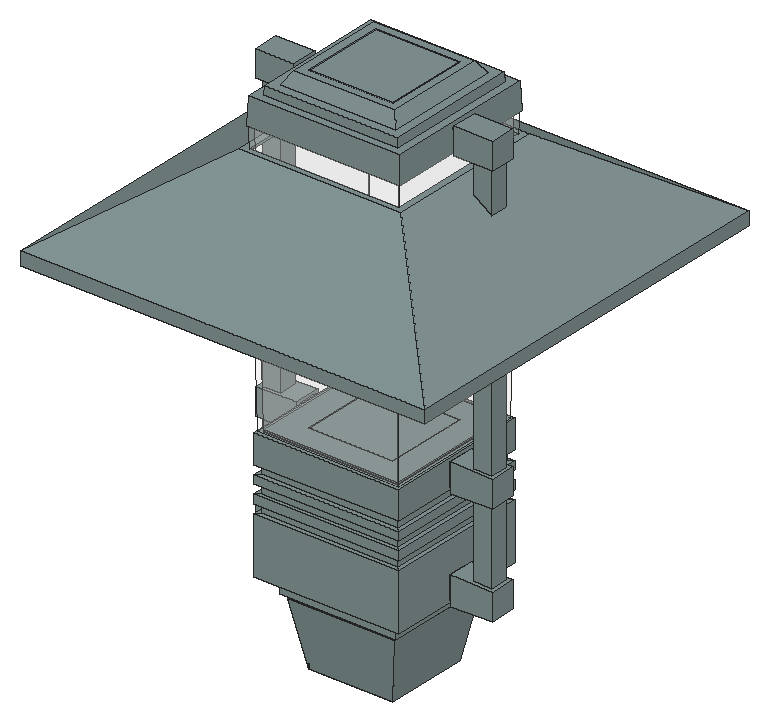
Revit family "PKWM", category Lighting Fixtures, host Face, Revit 2021
Family settings
  Host = Face
  Round Connector Dimension = Use Diameter
  Part Type = Normal
  OmniClass Number = 23.80.70.14
  OmniClass Title = Luminaries for External Lighting
  Cut with Voids When Loaded = No
  Light Source = No
  Shared = No
  Room Calculation Point = No
Parameters (values of type "PKWM- ATG")
  Wattage Comments = "55W"
  Voltage = 120 V  # constant formula
  URL = "https://www.currentlighting.com/aal"
  Product Page URL = ""
  Product Documentation Link = ""
  Photometric Web = Web PKWM : PKWM-STR-Y3VC-32LED-3K-525
  Model = "PKWM"  # constant formula
  Manufacturer = "Architectural Area Lighting"  # constant formula
  Load Classification = Lighting
  Light Bulb Material = Glass
  Lamp = "LED"
  Finish = Aluminum-Antique Green
  Description = "Parkway square is a complete family of luminaires that harmoniously combine the ultimate in style with technological sophistication. Parkway Square is scaled in two sizes of luminaires plus a matching bollard, and features unique appointments and design elements sure to meet the needs of any project."  # constant formula
  Default Elevation = 48.000"
  Apparent Load = 0 VA
Reference planes (in)
  plane 1 "Center (Front/Back)": y = 0.03999
  plane 2: z = 0
  plane 3 "Center (Left/Right)": x = 0.00649
  plane 4: z = 21
Dimensions and locks (in)
  host sketch curve to plane 1 "Center (Front/Back)" to host sketch curve = 48.03999", 47.96001"
  host sketch curve to plane 3 "Center (Left/Right)" to host sketch curve = 48.00649", 47.99351"
  locked: plane 4 to plane 2 at 21
  aligned and locked: plane 2 to host face
  aligned and locked: level to host face
  aligned and locked: plane 3 "Center (Left/Right)" to nested 1
  aligned and locked: plane 1 "Center (Front/Back)" to nested 1
Nested families (in)
  nested 1: "PKWM_ANG" at (1.15022, -2.7399, 0), Housing Finish <- "Finish", Glazing Type <- "Light Bulb Material", type "Default"
    with Housing Finish Aluminum-Antique Green, Glazing Type Glass
  nested 2: "Web PKWM" at (0.24545, 0, 21) x (1, 0, 0) z (0, 0, -1), type <- "Photometric Web", type "PKWM-STR-Y3VC-32LED-3K-525"
Connectors (in)
  electrical at (0.00649, 0.03999, 0.00193), driven by "Voltage", driven by "Apparent Load", driven by "Load Classification"
    settings: on nested 1, index 1, voltage 120 V, apparent load 0 VA, apparent load phase1 0 VA, apparent load phase2 0 VA, apparent load phase3 0 VA, power factor 1, load classification "Lighting", number of poles 1, system type 30, power factor state 1, is connector primary yes, connector utility no, sub classification motor no, connector description "Electrical connector"
Definition of nested family "PKWM_ANG"
  Parameters
    Wattage Comments = "LU100"
    Lamp = "Load Type Catalog for configurations"
    Half Width = Width / 2  # 11.500"
    Width = 23.000"  # constant formula
    Voltage = 277 V
    Type Comments = "Parkway Square"  # constant formula
    Half Base Width = Base Width / 2  # 2.375"
    built-in parameter 1154647 = 0.000"
    Default Elevation = 0.000"
    Hood Height = 9.15625"  # constant formula
    URL = "www.aal.net"
    Series = "Period Luminaires"  # constant formula
    Revision Date = "05/2/2011"  # constant formula
    Power Factor = 1  # constant formula
    OmniClass Title = "Post-Top Lighting"  # constant formula
    OmniClass Number = "23.80.70.14.11.14"  # constant formula
    Number of Poles = 1
    Note Visible = yes
    Note Text = "LF"  # constant formula
    Model = "Load Type Catalog for configurations"
    MasterFormat Title = "Area Lighting"  # constant formula
    MasterFormat Number = "26.56.29"  # constant formula
    Manufacturer = "Architectural Area Lighting"  # constant formula
    Housing Finish [instance] = none
    Height = 30.500"  # constant formula
    Glazing Type [instance] = none
    Full Load Current = 0.73 A  # constant formula
    Frequency = 60 Hz  # constant formula
    Description = "Exterior Lighting"  # constant formula
    Created By = "CADdetails, LTD"  # constant formula
    Base Width = 4.750"  # constant formula
    Assembly Code = "D5020200"
    Architectural Design Manual = "http://www.aal.net/products/pkwm/"
    Apparent Load = 57 VA
    Absolute Lumens = 9300 lm
  Reference planes (in)
    plane 1 "Light Source Axis (F/B)": y = 2.77989
    plane 2 "Bottom": z = 0.00193
    plane 3 "Light Source Axis (L/R)": x = -1.14373
    plane 4 "Light Source Elevation": z = 16.81443
    plane 5 "Top": z = 30.50193
    plane 6: z = 12.28318
    plane 7: x = -3.51873
    plane 8 "Left": x = -12.64373
    plane 9: x = 1.23127
    plane 10 "Right": x = 10.35627
    plane 11: z = 21.34568
    plane 12: y = 5.15489
    plane 13 "Back": y = 14.27989
    plane 14: y = 0.40489
    plane 15 "Front": y = -8.72011
  Forms (in)
    Sweep 1, solid, material <- "Housing Finish", detail levels medium+fine
      path origin (0, 0, 16.81443) x (0, -1, 0) y (1, 0, 0)
        loop
          line (-14.27989, -12.64373) -> (8.72011, -12.64373) -> (8.72011, 10.35627) -> (-14.27989, 10.35627) -> (-14.27989, -12.64373)
      profile origin (-12.64373, 2.77989, 16.81443) x (1, 0, 0) y (0, 0, 1)
        loop
          line (8.65047, 13.6875) -> (8.21746, 13.03075) -> (7.71746, 13.03075) -> (7.7, 12.53075) -> (7.20863, 12.53075) -> (7.15625, 11.03075) -> (9.125, 11.03075) -> (9.125, 13.6875) -> (8.65047, 13.6875)
        loop
          line (7.24046, 9.84375) -> (6.91001, 9.84375) -> (0, 5.28125) -> (0, 4.53125) -> (0.125, 4.53125) -> (0.125, 5.21399) -> (6.94755, 9.71875) -> (7.24046, 9.71875) -> (7.24046, 9.84375)
        loop
          line (9.125, -16.8125) -> (9.125, -4.53125) -> (7.688, -4.53125) -> (7.688, -4.625) -> (7.375, -4.625) -> (7.375, -6.25) -> (7.625, -6.25873) -> (7.625, -6.75873) -> (7.375, -6.76746) -> (7.375, -7.25) -> (7.625, -7.25873) -> (7.625, -7.75873) -> (7.375, -7.76746) -> (7.375, -8.25) -> (7.625, -8.25873) -> (7.625, -8.75873) -> (7.375, -8.76746) -> (7.375, -12) -> (7.594, -12) -> (7.594, -12.0625) -> (8.438, -12.0625) -> (8.438, -12.25) -> (8.188, -12.26748) -> (8.188, -12.92004) -> (8.688, -12.9375) -> (8.688, -13.125) -> (8.44127, -13.14225) -> (8.47252, -13.20475) -> (8.44127, -13.20475) -> (9.125, -16.8125)
    Extrusion 2, solid, material <- "Housing Finish"
      sketch origin (0, 2.77989, 0) x (1, 0, 0) y (0, 0, 1)
        loop
          line (-3.51873, 0.00193) -> (1.23127, 0.00193) -> (1.23127, 12.28318) -> (-3.51873, 12.28318) -> (-3.51873, 0.00193)
        loop
          line (-3.51873, 27.84518) -> (1.23127, 27.84518) -> (1.23127, 30.50193) -> (-3.51873, 30.50193) -> (-3.51873, 27.84518)
      from -2.375 to 2.375
    Extrusion 3, solid, material <- "Housing Finish", detail levels fine
      sketch origin (0, 2.77989, 0) x (1, 0, 0) y (0, 0, 1)
        loop
          line (-5.51873, 6.43943) -> (-7.89373, 6.35649) -> (-7.89373, 4.89737) -> (-5.51873, 4.81443) -> (-5.51873, 5.00243) -> (-5.26873, 5.01116) -> (-5.26873, 6.3057) -> (-5.51873, 6.31443) -> (-5.51873, 6.43943)
        loop
          line (-5.51873, 12.18943) -> (-7.89373, 12.10649) -> (-7.89373, 10.64737) -> (-5.51873, 10.56443) -> (-5.51873, 10.75243) -> (-5.26873, 10.76116) -> (-5.26873, 12.0557) -> (-5.51873, 12.06443) -> (-5.51873, 12.18943)
        loop
          line (-7.89473, 29.34518) -> (-7.89473, 27.84518) -> (-5.6851, 27.84518) -> (-5.6851, 28.03318) -> (-5.4351, 28.03318) -> (-5.4351, 29.15718) -> (-5.6851, 29.15718) -> (-5.6851, 29.34518) -> (-7.89473, 29.34518)
        loop
          line (3.23127, 6.43943) -> (3.23127, 6.31443) -> (2.98127, 6.3057) -> (2.98127, 5.01116) -> (3.23127, 5.00243) -> (3.23127, 4.81443) -> (5.60627, 4.89737) -> (5.60627, 6.35649) -> (3.23127, 6.43943)
        loop
          line (3.23127, 12.18943) -> (3.23127, 12.06443) -> (2.98127, 12.0557) -> (2.98127, 10.76116) -> (3.23127, 10.75243) -> (3.23127, 10.56443) -> (5.60627, 10.64737) -> (5.60627, 12.10649) -> (3.23127, 12.18943)
        loop
          line (5.60727, 29.34518) -> (3.39764, 29.34518) -> (3.39764, 29.15718) -> (3.14764, 29.15718) -> (3.14764, 28.03318) -> (3.39764, 28.03318) -> (3.39764, 27.84518) -> (5.60727, 27.84518) -> (5.60727, 29.34518)
      from -0.73047 to 0.73047
    Extrusion 4, void
      sketch origin (0, 0, 0.00193) x (1, 0, 0) y (0, 1, 0)
        loop
          line (-5.51873, 3.51036) -> (-5.51873, 3.32286) -> (-5.26873, 3.32286) -> (-5.26873, 3.51036) -> (-5.51873, 3.51036)
        loop
          line (-5.51873, 2.23692) -> (-5.51873, 2.04942) -> (-5.26873, 2.04942) -> (-5.26873, 2.23692) -> (-5.51873, 2.23692)
        loop
          line (3.23127, 3.51036) -> (2.98127, 3.51036) -> (2.98127, 3.32286) -> (3.23127, 3.32286) -> (3.23127, 3.51036)
        loop
          line (3.23127, 2.23692) -> (2.98127, 2.23692) -> (2.98127, 2.04942) -> (3.23127, 2.04942) -> (3.23127, 2.23692)
      from 0 to 12.28125
    Extrusion 5, void
      sketch origin (0, 0, 30.50193) x (-1, 0, 0) y (0, -1, 0)
        loop
          line (5.6851, -3.51036) -> (5.6851, -3.32286) -> (5.4351, -3.32286) -> (5.4351, -3.51036) -> (5.6851, -3.51036)
        loop
          line (5.6851, -2.23692) -> (5.6851, -2.04942) -> (5.4351, -2.04942) -> (5.4351, -2.23692) -> (5.6851, -2.23692)
        loop
          line (-3.39764, -3.51036) -> (-3.14764, -3.51036) -> (-3.14764, -3.32286) -> (-3.39764, -3.32286) -> (-3.39764, -3.51036)
        loop
          line (-3.39764, -2.23692) -> (-3.14764, -2.23692) -> (-3.14764, -2.04942) -> (-3.39764, -2.04942) -> (-3.39764, -2.23692)
      from 0 to -9.15625
    Extrusion 6, solid, material <- "Housing Finish", detail levels fine
      sketch origin (0, 0, 16.81443) x (0, -1, 0) y (1, 0, 0)
        loop
          line (-3.27989, -7.64473) -> (-2.27989, -7.64473) -> (-2.27989, -6.64473) -> (-3.27989, -6.64473) -> (-3.27989, -7.64473)
        loop
          line (-3.27989, 5.35727) -> (-3.27989, 4.35727) -> (-2.27989, 4.35727) -> (-2.27989, 5.35727) -> (-3.27989, 5.35727)
      from -11.28761 to 11.03075
    Sweep 7, solid, material <- "Glazing Type"
      path origin (0, 0, 16.81443) x (0, -1, 0) y (1, 0, 0)
        loop
          line (-5.15489, -3.51873) -> (-0.40489, -3.51873) -> (-0.40489, 1.23127) -> (-5.15489, 1.23127) -> (-5.15489, -3.51873)
      profile origin (-3.51873, 2.77989, 16.81443) x (1, 0, 0) y (0, 0, 1)
        loop
          line (-1.89664, 11.03075) -> (-1.62336, -4.625) -> (-1.437, -4.625) -> (-1.71027, 11.03075) -> (-1.89664, 11.03075)
    Sweep 8, solid, material <- "Housing Finish", detail levels coarse
      path origin (0, 0, 16.81443) x (0, -1, 0) y (1, 0, 0)
        loop
          line (-14.27989, -12.64373) -> (8.72011, -12.64373) -> (8.72011, 10.35627) -> (-14.27989, 10.35627) -> (-14.27989, -12.64373)
      profile origin (-12.64373, 2.77989, 16.81443) x (1, 0, 0) y (0, 0, 1)
        loop
          line (9.125, 13.6875) -> (7.03474, 13.6875) -> (7.03474, 11.03075) -> (9.125, 11.03075) -> (9.125, 13.6875)
        loop
          line (0, 4.53125) -> (7.03474, 4.53125) -> (7.03474, 6.34375) -> (0, 6.34375) -> (0, 4.53125)
        loop
          line (9.125, -4.53125) -> (7.03474, -4.53125) -> (7.03474, -16.8125) -> (9.125, -16.8125) -> (9.125, -4.53125)
  Cuts and joins
    Extrusion 4, Extrusion 5 cuts Extrusion 2
    Extrusion 4, Extrusion 5 cuts Extrusion 3
    joined: Extrusion 3, Extrusion 6
  Lines and regions (in)
    Masking region 1
      outline origin (0, 0, 16.81443) x (0, -1, 0) y (1, 0, 0)
        loop
          line (-14.27989, -12.64373) -> (8.72011, -12.64373) -> (8.72011, 10.35627) -> (-14.27989, 10.35627) -> (-14.27989, -12.64373)
    Masking region 2, detail levels medium+fine
      outline origin (0, 0, 16.81443) x (0, -1, 0) y (1, 0, 0)
        loop
          line (-7.07126, -5.4351) -> (1.51148, -5.4351) -> (1.51148, 3.14764) -> (-7.07126, 3.14764) -> (-7.07126, -5.4351)
    Masking region 3, detail levels fine
      outline origin (0, 0, 16.81443) x (0, -1, 0) y (1, 0, 0)
        loop
          line (-3.32286, -5.4351) -> (-3.32286, -5.6851) -> (-3.51036, -5.6851) -> (-3.51036, -7.89473) -> (-2.04942, -7.89473) -> (-2.04942, -5.6851) -> (-2.23692, -5.6851) -> (-2.23692, -5.4351) -> (-3.32286, -5.4351)
        loop
          line (-3.32286, 3.14764) -> (-2.23692, 3.14764) -> (-2.23692, 3.39764) -> (-2.04942, 3.39764) -> (-2.04942, 5.60727) -> (-3.51036, 5.60727) -> (-3.51036, 3.39764) -> (-3.32286, 3.39764) -> (-3.32286, 3.14764)
        loop
          line (-6.09189, -4.45573) -> (0.53211, -4.45573) -> (0.53211, 2.16827) -> (-6.09189, 2.16827) -> (-6.09189, -4.45573)
        loop
          line (-5.59189, -3.95573) -> (0.03211, -3.95573) -> (0.03211, 1.66827) -> (-5.59189, 1.66827) -> (-5.59189, -3.95573)
    Masking region 4, detail levels medium+fine
      outline origin (0, 2.77989, 0) x (1, 0, 0) y (0, 0, 1)
        loop
          line (-3.51873, 0.00193) -> (1.23127, 0.00193) -> (1.915, 3.60968) -> (1.88375, 3.60968) -> (1.915, 3.67218) -> (1.66827, 3.68943) -> (1.66827, 3.87693) -> (2.16827, 3.89439) -> (2.16827, 4.54695) -> (1.91827, 4.56443) -> (1.91827, 4.75193) -> (2.76227, 4.75193) -> (2.76227, 4.81443) -> (2.98127, 4.81443) -> (2.98127, 5.01116) -> (3.23127, 5.01116) -> (3.23127, 4.81443) -> (5.60627, 4.89737) -> (5.60627, 6.35649) -> (5.35727, 6.35649) -> (5.35727, 10.63867) -> (5.60627, 10.64737) -> (5.60627, 12.10649) -> (5.35727, 12.11519) -> (5.35727, 21.34568) -> (10.35627, 21.34568) -> (10.35627, 22.09568) -> (5.35727, 25.39639) -> (5.35727, 27.84518) -> (5.60727, 27.84518) -> (5.60727, 29.34518) -> (3.39764, 29.34518) -> (3.39764, 29.15718) -> (3.1542, 29.15718) -> (3.14764, 29.34518) -> (2.65627, 29.34518) -> (2.63881, 29.84518) -> (2.13881, 29.84518) -> (1.70579, 30.50193) -> (-3.99326, 30.50193) -> (-4.42627, 29.84518) -> (-4.92627, 29.84518) -> (-4.94373, 29.34518) -> (-5.4351, 29.34518) -> (-5.4351, 29.15718) -> (-5.6851, 29.15718) -> (-5.6851, 29.34518) -> (-7.89473, 29.34518) -> (-7.89473, 27.84518) -> (-7.64473, 27.84518) -> (-7.64473, 25.39639) -> (-12.64373, 22.09568) -> (-12.64373, 21.34568) -> (-7.64473, 21.34568) -> (-7.64473, 12.11519) -> (-7.89373, 12.10649) -> (-7.89373, 10.64737) -> (-7.64473, 10.63867) -> (-7.64473, 6.36519) -> (-7.89373, 6.35649) -> (-7.89373, 4.89737) -> (-5.51873, 4.81443) -> (-5.51873, 5.00243) -> (-5.26873, 5.01116) -> (-5.26873, 4.81443) -> (-5.04973, 4.81443) -> (-5.04973, 4.75193) -> (-4.20573, 4.75193) -> (-4.20573, 4.56443) -> (-4.45573, 4.54695) -> (-4.45573, 3.89439) -> (-3.95573, 3.87693) -> (-3.95573, 3.68943) -> (-4.20246, 3.67218) -> (-4.17121, 3.60968) -> (-4.20246, 3.60968) -> (-3.51873, 0.00193)
        loop
          line (-6.64473, 10.60375) -> (-6.64473, 6.40011) -> (-5.51873, 6.43943) -> (-5.51873, 6.31443) -> (-5.26873, 6.3057) -> (-5.26873, 8.04697) -> (-5.01873, 8.0557) -> (-5.01873, 8.5557) -> (-5.26873, 8.56443) -> (-5.26873, 9.04697) -> (-5.01873, 9.0557) -> (-5.01873, 9.5557) -> (-5.26873, 9.56443) -> (-5.26873, 10.04697) -> (-5.01873, 10.0557) -> (-5.01873, 10.5557) -> (-5.26873, 10.56443) -> (-5.26873, 10.76116) -> (-5.51873, 10.75243) -> (-5.51873, 10.56443) -> (-6.64473, 10.60375)
        loop
          line (4.35727, 10.60375) -> (3.23127, 10.56443) -> (3.23127, 10.75243) -> (2.98127, 10.76116) -> (2.98127, 10.56443) -> (2.73127, 10.5557) -> (2.73127, 10.0557) -> (2.98127, 10.04697) -> (2.98127, 9.56443) -> (2.73127, 9.5557) -> (2.73127, 9.0557) -> (2.98127, 9.04697) -> (2.98127, 8.56443) -> (2.73127, 8.5557) -> (2.73127, 8.0557) -> (2.98127, 8.04697) -> (2.98127, 6.3057) -> (3.23127, 6.31443) -> (3.23127, 6.43943) -> (4.35727, 6.40011) -> (4.35727, 10.60375)
        loop
          line (-6.64473, 21.34568) -> (-6.64473, 12.15011) -> (-5.51873, 12.18943) -> (-5.51873, 12.06443) -> (-5.26873, 12.0557) -> (-5.26873, 12.18943) -> (-5.1421, 12.18943) -> (-5.33683, 21.34568) -> (-6.64473, 21.34568)
        loop
          line (4.35727, 21.34568) -> (3.04936, 21.34568) -> (2.85463, 12.18943) -> (2.98127, 12.18943) -> (2.98127, 12.0557) -> (3.23127, 12.06443) -> (3.23127, 12.18943) -> (4.35727, 12.15011) -> (4.35727, 21.34568)
        loop
          line (-6.64473, 27.84518) -> (-6.64473, 26.05667) -> (-5.73372, 26.65818) -> (-5.39465, 26.65818) -> (-5.41537, 27.84518) -> (-5.48748, 27.84518) -> (-5.48092, 28.03318) -> (-5.6851, 28.03318) -> (-5.6851, 27.84518) -> (-6.64473, 27.84518)
        loop
          line (4.35727, 27.84518) -> (3.39764, 27.84518) -> (3.39764, 28.03318) -> (3.19345, 28.03318) -> (3.20002, 27.84518) -> (3.1279, 27.84518) -> (3.10718, 26.65818) -> (3.44626, 26.65818) -> (4.35727, 26.05667) -> (4.35727, 27.84518)
    Masking region 5, detail levels coarse
      outline origin (0, 2.77989, 0) x (1, 0, 0) y (0, 0, 1)
        loop
          line (-3.51873, 0.00193) -> (1.23127, 0.00193) -> (2.98127, 9.23592) -> (2.98127, 21.34568) -> (10.35627, 21.34568) -> (10.35627, 22.09568) -> (3.44626, 26.65818) -> (2.98127, 26.65818) -> (2.98127, 30.50193) -> (-5.26873, 30.50193) -> (-5.26873, 26.65818) -> (-5.73372, 26.65818) -> (-12.64373, 22.09568) -> (-12.64373, 21.34568) -> (-5.26873, 21.34568) -> (-5.26873, 9.23592) -> (-3.51873, 0.00193)
    Masking region 6, detail levels coarse
      outline origin (-1.14373, 0, 0) x (0, 1, 0) y (0, 0, 1)
        loop
          line (5.15489, 0.00193) -> (6.90489, 9.23592) -> (6.90489, 21.34568) -> (14.27989, 21.34568) -> (14.27989, 22.09568) -> (7.36988, 26.65818) -> (6.90489, 26.65818) -> (6.90489, 30.50193) -> (-1.34511, 30.50193) -> (-1.34511, 26.65818) -> (-1.8101, 26.65818) -> (-8.72011, 22.09568) -> (-8.72011, 21.34568) -> (-1.34511, 21.34568) -> (-1.34511, 9.23592) -> (0.40489, 0.00193) -> (5.15489, 0.00193)
    Masking region 7, detail levels medium+fine
      outline origin (-1.14373, 0, 0) x (0, 1, 0) y (0, 0, 1)
        loop
          line (5.15489, 0.00193) -> (5.83862, 3.60968) -> (5.80737, 3.60968) -> (5.83862, 3.67218) -> (5.59189, 3.68943) -> (5.59189, 3.87693) -> (6.09189, 3.89439) -> (6.09189, 4.54695) -> (5.84189, 4.56443) -> (5.84189, 4.75193) -> (6.68589, 4.75193) -> (6.68589, 4.81443) -> (6.90489, 4.81443) -> (6.90489, 5.01116) -> (6.90489, 8.04697) -> (6.65489, 8.0557) -> (6.65489, 8.5557) -> (6.90489, 8.56443) -> (6.90489, 9.04697) -> (6.65489, 9.0557) -> (6.65489, 9.5557) -> (6.90489, 9.56443) -> (6.90489, 10.04697) -> (6.65489, 10.0557) -> (6.65489, 10.5557) -> (6.90489, 10.56443) -> (6.90489, 12.0557) -> (6.90489, 12.18943) -> (6.77825, 12.18943) -> (6.97299, 21.34568) -> (9.28089, 21.34568) -> (14.27989, 21.34568) -> (14.27989, 22.09568) -> (7.36988, 26.65818) -> (7.03081, 26.65818) -> (7.05153, 27.84518) -> (7.12364, 27.84518) -> (7.07126, 29.34518) -> (6.57989, 29.34518) -> (6.56243, 29.84518) -> (6.06243, 29.84518) -> (5.62942, 30.50193) -> (-0.06964, 30.50193) -> (-0.50265, 29.84518) -> (-1.00265, 29.84518) -> (-1.02011, 29.34518) -> (-1.51148, 29.34518) -> (-1.56386, 27.84518) -> (-1.49174, 27.84518) -> (-1.47103, 26.65818) -> (-1.8101, 26.65818) -> (-8.72011, 22.09568) -> (-8.72011, 21.34568) -> (-3.72111, 21.34568) -> (-1.41321, 21.34568) -> (-1.21847, 12.18943) -> (-1.34511, 12.18943) -> (-1.34511, 12.0557) -> (-1.34511, 10.56443) -> (-1.09511, 10.5557) -> (-1.09511, 10.0557) -> (-1.34511, 10.04697) -> (-1.34511, 9.56443) -> (-1.09511, 9.5557) -> (-1.09511, 9.0557) -> (-1.34511, 9.04697) -> (-1.34511, 8.56443) -> (-1.09511, 8.5557) -> (-1.09511, 8.0557) -> (-1.34511, 8.04697) -> (-1.34511, 5.01116) -> (-1.34511, 4.81443) -> (-1.12611, 4.81443) -> (-1.12611, 4.75193) -> (-0.28211, 4.75193) -> (-0.28211, 4.56443) -> (-0.53211, 4.54695) -> (-0.53211, 3.89439) -> (-0.03211, 3.87693) -> (-0.03211, 3.68943) -> (-0.27884, 3.67218) -> (-0.24759, 3.60968) -> (-0.27884, 3.60968) -> (0.40489, 0.00193) -> (5.15489, 0.00193)
    Masking region 8, detail levels fine
      outline origin (-1.14373, 0, 0) x (0, 1, 0) y (0, 0, 1)
        loop
          line (3.27989, 27.84518) -> (3.51036, 27.84518) -> (3.51036, 29.34518) -> (2.04942, 29.34518) -> (2.04942, 27.84518) -> (2.27989, 27.84518) -> (2.27989, 12.18943) -> (2.04942, 12.18943) -> (2.04942, 10.56443) -> (2.27989, 10.56443) -> (2.27989, 6.43943) -> (2.04942, 6.43943) -> (2.04942, 4.81443) -> (3.51036, 4.81443) -> (3.51036, 6.43943) -> (3.27989, 6.43943) -> (3.27989, 10.56443) -> (3.51036, 10.56443) -> (3.51036, 12.18943) -> (3.27989, 12.18943) -> (3.27989, 27.84518)
        loop
          line (3.32286, 29.15718) -> (2.23692, 29.15718) -> (2.23692, 28.03318) -> (3.32286, 28.03318) -> (3.32286, 29.15718)
        loop
          line (3.32286, 12.06443) -> (2.23692, 12.06443) -> (2.23692, 10.75243) -> (3.32286, 10.75243) -> (3.32286, 12.06443)
        loop
          line (3.32286, 5.00243) -> (3.32286, 6.31443) -> (2.23692, 6.31443) -> (2.23692, 5.00243) -> (3.32286, 5.00243)
    symbolic lines, detail levels coarse
      curve 1: line (-12.64373, 14.27989, 16.81443) -> (10.35627, -8.72011, 16.81443)
      curve 2: line (10.35627, 14.27989, 16.81443) -> (-12.64373, -8.72011, 16.81443)
    symbolic lines, detail levels fine
      curve 3: line (-12.64373, 14.27989, 16.81443) -> (-5.60899, 7.24515, 16.81443)
      curve 4: line (10.35627, 14.27989, 16.81443) -> (3.32153, 7.24515, 16.81443)
      curve 5: line (10.35627, -8.72011, 16.81443) -> (3.32153, -1.68537, 16.81443)
      curve 6: line (-5.60899, -1.68537, 16.81443) -> (-12.64373, -8.72011, 16.81443)
      curve 7: line (2.63881, 2.77989, 29.84518) -> (-4.92627, 2.77989, 29.84518)
      curve 8: line (3.14764, 2.77989, 29.34518) -> (-5.4351, 2.77989, 29.34518)
      curve 9: line (-5.48748, 2.77989, 27.84518) -> (3.20002, 2.77989, 27.84518)
      curve 10: line (-5.6851, 2.77989, 27.84518) -> (-5.6851, 2.77989, 29.34518)
      curve 11: line (-5.4351, 2.77989, 29.34518) -> (-5.48748, 2.77989, 27.84518)
      curve 12: line (3.39764, 2.77989, 29.34518) -> (3.39764, 2.77989, 27.84518)
      curve 13: line (3.20002, 2.77989, 27.84518) -> (3.14764, 2.77989, 29.34518)
      curve 14: line (3.32153, 2.77989, 26.65818) -> (-5.60899, 2.77989, 26.65818)
      curve 15: line (-12.64373, 2.77989, 21.34568) -> (10.35627, 2.77989, 21.34568)
      curve 16: line (-5.51873, 2.77989, 4.81443) -> (-5.51873, 2.77989, 6.43943)
      curve 17: line (-5.51873, 2.77989, 10.56443) -> (-5.51873, 2.77989, 12.18943)
      curve 18: line (-5.26873, 2.77989, 12.18943) -> (-5.26873, 2.77989, 10.56443)
      curve 19: line (-5.26873, 2.77989, 6.3057) -> (-5.26873, 2.77989, 5.01116)
      curve 20: line (3.23127, 2.77989, 4.81443) -> (3.23127, 2.77989, 6.43943)
      curve 21: line (3.23127, 2.77989, 10.56443) -> (3.23127, 2.77989, 12.18943)
      curve 22: line (2.98127, 2.77989, 12.18943) -> (2.98127, 2.77989, 10.56443)
      curve 23: line (2.98127, 2.77989, 6.3057) -> (2.98127, 2.77989, 5.01116)
      curve 24: line (-5.51873, 2.77989, 12.18943) -> (-7.89373, 2.77989, 12.10649)
      curve 25: line (-7.89373, 2.77989, 10.64737) -> (-5.51873, 2.77989, 10.56443)
      curve 26: line (-5.51873, 2.77989, 6.43943) -> (-7.89373, 2.77989, 6.35649)
      curve 27: line (5.60627, 2.77989, 6.35649) -> (3.23127, 2.77989, 6.43943)
      curve 28: line (3.23127, 2.77989, 10.56443) -> (5.60627, 2.77989, 10.64737)
      curve 29: line (5.60627, 2.77989, 12.10649) -> (3.23127, 2.77989, 12.18943)
      curve 30: line (2.98127, 2.77989, 12.18943) -> (-5.26873, 2.77989, 12.18943)
      curve 31: line (2.98127, 2.77989, 10.56443) -> (-5.26873, 2.77989, 10.56443)
      curve 32: line (2.98127, 2.77989, 10.04697) -> (-5.26873, 2.77989, 10.04697)
      curve 33: line (2.98127, 2.77989, 9.56443) -> (-5.26873, 2.77989, 9.56443)
      curve 34: line (2.98127, 2.77989, 9.04697) -> (-5.26873, 2.77989, 9.04697)
      curve 35: line (2.98127, 2.77989, 8.04697) -> (-5.26873, 2.77989, 8.04697)
      curve 36: line (-5.04973, 2.77989, 4.75193) -> (2.76227, 2.77989, 4.75193)
      curve 37: line (2.16827, 2.77989, 4.54695) -> (-4.45573, 2.77989, 4.54695)
      curve 38: line (2.16827, 2.77989, 3.89439) -> (-4.45573, 2.77989, 3.89439)
      curve 39: line (1.915, 2.77989, 3.67218) -> (-4.20246, 2.77989, 3.67218)
      curve 40: line (-1.14373, 6.56243, 29.84518) -> (-1.14373, -1.00265, 29.84518)
      curve 41: line (-1.14373, 7.07126, 29.34518) -> (-1.14373, -1.51148, 29.34518)
      curve 42: line (-1.14373, -1.56386, 27.84518) -> (-1.14373, 7.12364, 27.84518)
      curve 43: line (-1.14373, 3.27989, 26.65818) -> (-1.14373, 7.24515, 26.65818)
      curve 44: line (-1.14373, 3.27989, 21.34568) -> (-1.14373, 6.97299, 21.34568)
      curve 45: line (-1.14373, -1.21847, 12.18943) -> (-1.14373, 6.90489, 12.18943)
      curve 46: line (-1.14373, -1.09511, 10.56443) -> (-1.14373, 6.90489, 10.56443)
      curve 47: line (-1.14373, 6.90489, 10.04697) -> (-1.14373, 3.27989, 10.04697)
      curve 48: line (-1.14373, 6.90489, 9.56443) -> (-1.14373, 3.27989, 9.56443)
      curve 49: line (-1.14373, 6.90489, 9.04697) -> (-1.14373, 3.27989, 9.04697)
      curve 50: line (-1.14373, 6.90489, 8.56443) -> (-1.14373, 3.27989, 8.56443)
      curve 51: line (-1.14373, 6.90489, 8.02892) -> (-1.14373, 3.27989, 8.02892)
      curve 52: line (-1.14373, 6.68589, 4.81443) -> (-1.14373, -1.12611, 4.81443)
      curve 53: line (-1.14373, 3.27989, 6.43943) -> (-1.14373, 2.27989, 6.43943)
      curve 54: line (-1.14373, 6.09189, 4.54695) -> (-1.14373, -0.53211, 4.54695)
      curve 55: line (-1.14373, 6.09189, 3.89439) -> (-1.14373, -0.53211, 3.89439)
      curve 56: line (-1.14373, 5.83862, 3.67218) -> (-1.14373, -0.27884, 3.67218)
      curve 57: line (-1.14373, 2.27989, 26.65818) -> (-1.14373, -1.68537, 26.65818)
      curve 58: line (-1.14373, 2.27989, 21.34568) -> (-1.14373, -1.41321, 21.34568)
      curve 59: line (-1.14373, -1.34511, 10.04697) -> (-1.14373, 2.27989, 10.04697)
      curve 60: line (-1.14373, -1.34511, 9.56443) -> (-1.14373, 2.27989, 9.56443)
      curve 61: line (-1.14373, -1.34511, 9.04697) -> (-1.14373, 2.27989, 9.04697)
      curve 62: line (-1.14373, -1.34511, 8.56443) -> (-1.14373, 2.27989, 8.56443)
      curve 63: line (-1.14373, -1.34511, 8.02892) -> (-1.14373, 2.27989, 8.02892)
  Dimensions and locks (in)
    "Height": plane 5 "Top" to plane 2 "Bottom"
    "Default Elevation": plane 2 "Bottom" to level
    "Half Width": plane 3 "Light Source Axis (L/R)" to plane 8 "Left"
    "Half Width": plane 10 "Right" to plane 3 "Light Source Axis (L/R)"
    "Half Base Width": plane 3 "Light Source Axis (L/R)" to plane 7
    "Half Base Width": plane 9 to plane 3 "Light Source Axis (L/R)"
    "Hood Height": plane 5 "Top" to plane 11
    locked: plane 6 to plane 2 "Bottom" at 12.28125
    equal spacing: plane 11, plane 4 "Light Source Elevation", plane 6
    "Half Width": plane 13 "Back" to plane 1 "Light Source Axis (F/B)"
    "Half Width": plane 15 "Front" to plane 1 "Light Source Axis (F/B)"
    "Half Base Width": plane 14 to plane 1 "Light Source Axis (F/B)"
    "Half Base Width": plane 1 "Light Source Axis (F/B)" to plane 12
    locked: Sweep 1 sketch curve to plane 8 "Left" at 0.125
    plane 5 "Top" to Sweep 1 sketch curve to Sweep 1 sketch curve to Sweep 1 sketch curve to Sweep 1 sketch curve to Sweep 1 sketch curve = 0.65675" locked, 0.500" locked, 1.500" locked, 1.187" locked, 0.125" locked
    plane 7 to Sweep 1 sketch curve to Sweep 1 sketch curve = 0.937" locked, 0.813" locked
    locked: plane 5 "Top" to Extrusion 2 sketch curve at 2.65675
    locked: Extrusion 6 to plane 2 "Bottom" at 5.52489
    locked: plane 5 "Top" to Extrusion 6 at 2.65675
    Sweep 7 sketch curve to Sweep 7 sketch curve to Sweep 7 sketch curve to Sweep 7 sketch curve to profile plane = 0.18636" locked, 0.08691" locked, 0.18636" locked, 1.437" locked
    locked: plane 5 "Top" to Sweep 7 sketch curve at 2.65675
    locked: plane 6 to Sweep 7 sketch curve at 0.09375
    locked: plane 3 "Light Source Axis (L/R)" to Sweep 1 sketch curve at 4.25954
    locked: plane 5 "Top" to Sweep 8 sketch curve at 2.65675
    locked: Sweep 8 sketch curve to plane 11 at 1.8125
    locked: plane 7 to Sweep 8 sketch curve at 2.09026
    Masking region 5 sketch curve to plane 11 = 0.750"
    plane 5 "Top" to Masking region 4 sketch curve to Masking region 4 sketch curve to Masking region 4 sketch curve to Masking region 4 sketch curve = 0.65675" locked, 0.500" locked, 1.500" locked, 1.187" locked
    plane 5 "Top" to Masking region 4 sketch curve to Masking region 4 sketch curve to Masking region 4 sketch curve to Masking region 4 sketch curve to Masking region 4 sketch curve = 1.15675" locked, 0.188" locked, 1.124" locked, 0.188" locked, 0.000" locked
    plane 5 "Top" to Masking region 4 sketch curve to Masking region 4 sketch curve to Masking region 4 sketch curve to Masking region 4 sketch curve to Masking region 4 sketch curve = 0.65675" locked, 0.500" locked, 0.188" locked, 1.124" locked, 1.375" locked
    plane 5 "Top" to Masking region 4 sketch curve to Masking region 4 sketch curve to Masking region 4 sketch curve = 1.15675" locked, 1.500" locked, 0.000" locked
    plane 5 "Top" to Sweep 1 = 3.84375"
    locked: Sweep 1 sketch curve to plane 11 at 0.75
    locked: Sweep 1 sketch curve to plane 11 at 0.68274
    locked: plane 5 "Top" to Masking region 5 sketch curve at 3.84375  (x2)
    locked: Masking region 5 sketch curve to plane 11 at 0.75
    locked: Masking region 4 sketch curve to plane 11 at 0.75  (x2)
    plane 5 "Top" to Masking region 7 sketch curve to Masking region 7 sketch curve to Masking region 7 sketch curve to Masking region 7 sketch curve = 0.65675" locked, 0.500" locked, 1.500" locked, 1.187" locked  (x2)
    locked: Masking region 7 sketch curve to plane 11 at 0.75  (x2)
    locked: plane 5 "Top" to Masking region 6 sketch curve at 3.84375  (x2)
    locked: Masking region 6 sketch curve to plane 11 at 0.75  (x2)
    aligned and locked: Sweep 1 sketch curve to plane 8 "Left"
    aligned and locked: plane 13 "Back" to Sweep 1 sketch curve
    aligned and locked: Sweep 1 sketch curve to plane 10 "Right"
    aligned and locked: Sweep 1 sketch curve to plane 11
    aligned and locked: Sweep 1 sketch curve to plane 7
    aligned and locked: plane 7 to Sweep 1 sketch curve
    aligned and locked: plane 6 to Sweep 1 sketch curve
    aligned and locked: plane 2 "Bottom" to Sweep 1 sketch curve
    aligned and locked: Sweep 1 sketch curve to Sweep 1 sketch curve  (x3)
    aligned and locked: plane 5 "Top" to Extrusion 2 sketch curve
    aligned and locked: Extrusion 2 sketch curve to plane 7  (x2)
    aligned and locked: Extrusion 2 sketch curve to plane 9  (x2)
    aligned and locked: plane 6 to Extrusion 2 sketch curve
    aligned and locked: Extrusion 2 sketch curve to plane 2 "Bottom"
    aligned and locked: plane 12 to Extrusion 2
    aligned and locked: plane 14 to Extrusion 2
    aligned and locked: Extrusion 4 to plane 2 "Bottom"
    aligned and locked: plane 6 to Extrusion 4
    aligned and locked: Extrusion 5 to plane 5 "Top"
    aligned and locked: Extrusion 5 to plane 11
    aligned and locked: plane 7 to Sweep 7 sketch curve
    aligned and locked: Sweep 7 sketch curve to plane 14
    aligned and locked: Sweep 7 sketch curve to plane 9
    aligned and locked: plane 12 to Sweep 7 sketch curve
    aligned and locked: plane 1 "Light Source Axis (F/B)" to nested 1
    aligned and locked: plane 3 "Light Source Axis (L/R)" to nested 1
    aligned and locked: Sweep 8 sketch curve to plane 8 "Left"  (x2)
    aligned and locked: Sweep 8 sketch curve to plane 10 "Right"
    aligned and locked: plane 13 "Back" to Sweep 8 sketch curve
    aligned and locked: plane 15 "Front" to Sweep 8 sketch curve
    aligned and locked: plane 5 "Top" to Sweep 8 sketch curve
    aligned and locked: Sweep 8 sketch curve to plane 11
    aligned and locked: plane 6 to Sweep 8 sketch curve
    aligned and locked: plane 7 to Sweep 8 sketch curve
    aligned and locked: Sweep 8 sketch curve to plane 2 "Bottom"
    aligned and locked: Masking region 1 sketch curve to plane 15 "Front"
    aligned and locked: plane 8 "Left" to Masking region 1 sketch curve
    aligned and locked: plane 10 "Right" to Masking region 1 sketch curve
    aligned and locked: Masking region 1 sketch curve to plane 13 "Back"
    aligned and locked: plane 10 "Right" to curve 1
    aligned and locked: plane 15 "Front" to curve 1
    aligned and locked: plane 13 "Back" to curve 2
    aligned and locked: plane 13 "Back" to curve 1
    aligned and locked: plane 15 "Front" to curve 2
    aligned and locked: plane 8 "Left" to curve 2
    aligned and locked: Sweep 1 to Masking region 2 sketch curve
    aligned and locked: Masking region 2 sketch curve to Sweep 1  (x3)
    aligned and locked: Masking region 3 sketch curve to cut or joined group of Extrusion 3, Extrusion 4, Extrusion 5, Extrusion 6  (x14)
    aligned and locked: cut or joined group of Extrusion 3, Extrusion 4, Extrusion 5, Extrusion 6 to Masking region 3 sketch curve  (x2)
    aligned and locked: Masking region 3 sketch curve to Sweep 1  (x8)
    aligned and locked: Masking region 4 sketch curve to plane 2 "Bottom"
    aligned and locked: Masking region 4 sketch curve to Sweep 1
    aligned and locked: plane 5 "Top" to Masking region 4 sketch curve
    aligned and locked: Masking region 4 sketch curve to plane 8 "Left"
    aligned and locked: Masking region 4 sketch curve to plane 10 "Right"
    aligned and locked: curve 7 to Sweep 1
    aligned and locked: curve 8 to Sweep 1
    aligned and locked: curve 9 to Sweep 1
    aligned and locked: curve 10 to cut or joined group of Extrusion 3, Extrusion 4, Extrusion 5, Extrusion 6
    aligned and locked: curve 11 to Sweep 1
    aligned and locked: curve 12 to cut or joined group of Extrusion 3, Extrusion 4, Extrusion 5, Extrusion 6
    aligned and locked: curve 13 to Sweep 1
    aligned and locked: Sweep 1 to curve 14
    aligned and locked: curve 15 to Sweep 1
    aligned and locked: curve 16 to cut or joined group of Extrusion 3, Extrusion 4, Extrusion 5, Extrusion 6
    aligned and locked: curve 24 to cut or joined group of Extrusion 3, Extrusion 4, Extrusion 5, Extrusion 6
    aligned and locked: curve 25 to cut or joined group of Extrusion 3, Extrusion 4, Extrusion 5, Extrusion 6
    aligned and locked: curve 26 to cut or joined group of Extrusion 3, Extrusion 4, Extrusion 5, Extrusion 6
    aligned and locked: curve 27 to cut or joined group of Extrusion 3, Extrusion 4, Extrusion 5, Extrusion 6
    aligned and locked: curve 28 to cut or joined group of Extrusion 3, Extrusion 4, Extrusion 5, Extrusion 6
    aligned and locked: curve 29 to cut or joined group of Extrusion 3, Extrusion 4, Extrusion 5, Extrusion 6
    aligned and locked: curve 30 to Sweep 1
    aligned and locked: curve 31 to Sweep 1
    aligned and locked: curve 32 to Sweep 1
    aligned and locked: curve 33 to Sweep 1
    aligned and locked: curve 34 to Sweep 1
    aligned and locked: curve 35 to Sweep 1
    aligned and locked: curve 36 to Sweep 1
    aligned and locked: curve 37 to Sweep 1
    aligned and locked: curve 38 to Sweep 1
    aligned and locked: curve 39 to Sweep 1
    aligned and locked: Masking region 5 sketch curve to plane 2 "Bottom"
    aligned and locked: Masking region 5 sketch curve to Sweep 1  (x3)
    aligned and locked: Sweep 1 to Masking region 5 sketch curve
    aligned and locked: Masking region 5 sketch curve to plane 5 "Top"
    aligned and locked: Masking region 5 sketch curve to plane 8 "Left"
    aligned and locked: Masking region 6 sketch curve to plane 5 "Top"
    aligned and locked: Masking region 6 sketch curve to plane 2 "Bottom"
    aligned and locked: plane 13 "Back" to Masking region 6 sketch curve
    aligned and locked: Masking region 7 sketch curve to plane 2 "Bottom"
    aligned and locked: plane 5 "Top" to Masking region 7 sketch curve
    aligned and locked: plane 13 "Back" to Masking region 7 sketch curve
    aligned and locked: curve 40 to Sweep 1
    aligned and locked: curve 41 to Sweep 1
    aligned and locked: curve 42 to Sweep 1
    aligned and locked: Sweep 1 to curve 46
    aligned and locked: Sweep 7 to Sweep 1
    aligned and locked: Sweep 8 sketch curve to Sweep 8 sketch curve  (x2)
    aligned and locked: Masking region 5 sketch curve to plane 11  (x2)
    aligned and locked: Masking region 4 sketch curve to plane 11  (x3)
    aligned and locked: plane 11 to Masking region 4 sketch curve
    aligned and locked: plane 10 "Right" to Masking region 5 sketch curve
    aligned and locked: plane 15 "Front" to Masking region 6 sketch curve
    aligned and locked: Sweep 1 to curve 57
  Automatic sketch dimensions
    Sweep 1 sketch curve to plane 15 "Front" = 0.000"
    Extrusion 4 sketch curve to plane 1 "Light Source Axis (F/B)" = 0.73047"
    Extrusion 4 sketch curve to plane 7 = 2.000"
    Extrusion 4 sketch curve to Extrusion 4 sketch curve = 0.000"  (x2)
    Extrusion 4 sketch curve to Extrusion 4 sketch curve = 0.250"  (x4)
    plane 1 "Light Source Axis (F/B)" to Extrusion 4 sketch curve = 0.73047"  (x2)
    Extrusion 4 sketch curve to plane 9 = 1.750"
    Extrusion 4 sketch curve to Extrusion 4 sketch curve = 0.1875"  (x4)
    Extrusion 4 sketch curve to plane 1 "Light Source Axis (F/B)" = 0.54297"
    Extrusion 5 sketch curve to plane 1 "Light Source Axis (F/B)" = 0.73047"  (x2)
    Extrusion 5 sketch curve to plane 9 = 2.16637"
    Extrusion 5 sketch curve to Extrusion 5 sketch curve = 0.000"  (x2)
    Extrusion 5 sketch curve to Extrusion 5 sketch curve = 0.250"  (x4)
    plane 1 "Light Source Axis (F/B)" to Extrusion 5 sketch curve = 0.73047"
    Extrusion 5 sketch curve to plane 7 = 1.91637"
    Extrusion 5 sketch curve to Extrusion 5 sketch curve = 0.1875"  (x4)
    plane 1 "Light Source Axis (F/B)" to Extrusion 5 sketch curve = 0.54297"
    Extrusion 6 sketch curve to plane 1 "Light Source Axis (F/B)" = 0.500"  (x2)
    plane 1 "Light Source Axis (F/B)" to Extrusion 6 sketch curve = 0.500"  (x2)
    Extrusion 6 sketch curve to plane 7 = 4.126"
    Extrusion 6 sketch curve to Extrusion 6 sketch curve = 1.000"  (x2)
    Extrusion 6 sketch curve to plane 9 = 3.126"
    Sweep 8 sketch curve to Sweep 8 sketch curve = 2.09026"
    curve 15 to plane 8 "Left" = 0.000"
    curve 15 to plane 10 "Right" = 0.000"
    curve 24 to plane 6 = 0.17669"
    curve 26 to curve 16 = 2.375"
    curve 25 to plane 6 = 1.63581"
    curve 10 to curve 14 = 0.07611"
    curve 17 to plane 6 = 0.09375"
    curve 17 to curve 31 = 0.250"
    curve 34 to curve 18 = 0.000"
    curve 35 to curve 34 = 0.000"
    curve 16 to curve 19 = 0.250"
    curve 33 to curve 34 = 0.000"  (x2)
    curve 32 to curve 33 = 0.000"  (x2)
    curve 19 to curve 36 = 0.219"
    curve 8 to curve 7 = 0.50883"
    curve 38 to plane 7 = 0.937"
    curve 36 to curve 37 = 0.594"
    curve 38 to curve 39 = 0.25327"
    curve 39 to plane 9 = 0.68373"
    curve 39 to curve 37 = 0.25327"
    curve 39 to curve 38 = 0.25327"
    curve 7 to curve 8 = 0.50883"
    curve 37 to curve 36 = 0.594"
    curve 22 to plane 9 = 1.750"
    curve 36 to curve 23 = 0.219"
    curve 35 to curve 23 = 0.000"
    curve 34 to curve 35 = 0.000"
    curve 23 to curve 20 = 0.250"
    curve 28 to plane 6 = 1.71875"
    curve 14 to curve 12 = 0.07611"
    curve 28 to plane 6 = 1.63581"
    curve 29 to plane 6 = 0.17669"
    curve 20 to curve 27 = 2.375"
    curve 36 to curve 20 = 0.0625"
    curve 36 to curve 16 = 0.0625"
    curve 16 to curve 19 = 0.19673"
    curve 20 to curve 23 = 0.19673"
    curve 23 to curve 20 = 0.13373"
    curve 19 to curve 16 = 0.13373"
    curve 12 to curve 9 = 0.000"
    curve 10 to curve 9 = 0.000"
    curve 12 to curve 8 = 0.000"
    curve 10 to curve 8 = 0.000"
    Extrusion 3 sketch curve to plane 5 "Top" = 1.15675"
    Extrusion 3 sketch curve to plane 7 = 4.376"
    Extrusion 3 sketch curve to plane 7 = 4.375"  (x2)
    Extrusion 3 sketch curve to plane 6 = 0.17669"  (x2)
    Extrusion 3 sketch curve to plane 7 = 2.16637"
    Extrusion 3 sketch curve to Extrusion 3 sketch curve = 0.000"  (x3)
    Extrusion 3 sketch curve to plane 6 = 0.09375"  (x2)
    Extrusion 3 sketch curve to plane 7 = 2.000"  (x2)
    Extrusion 3 sketch curve to Extrusion 3 sketch curve = 0.250"  (x9)
    Extrusion 3 sketch curve to plane 9 = 1.750"  (x2)
    Extrusion 3 sketch curve to plane 9 = 1.91637"
    Extrusion 3 sketch curve to Extrusion 3 sketch curve = 2.375"  (x2)
    Extrusion 3 sketch curve to plane 6 = 1.63581"
    Extrusion 3 sketch curve to Extrusion 3 sketch curve = 2.20963"
    Extrusion 3 sketch curve to Extrusion 3 sketch curve = 1.625"
    Extrusion 3 sketch curve to plane 6 = 1.71875"
    Extrusion 3 sketch curve to Extrusion 3 sketch curve = 4.125"  (x2)
    Extrusion 3 sketch curve to Extrusion 3 sketch curve = 0.08294"  (x2)
    Extrusion 3 sketch curve to Extrusion 3 sketch curve = 0.125"  (x3)
    Extrusion 3 sketch curve to Extrusion 3 sketch curve = 0.00873"  (x6)
    Extrusion 3 sketch curve to Extrusion 3 sketch curve = 1.29454"  (x2)
    Extrusion 3 sketch curve to Extrusion 3 sketch curve = 1.45913"  (x3)
    Extrusion 3 sketch curve to Extrusion 3 sketch curve = 0.188"  (x8)
    Extrusion 3 sketch curve to plane 6 = 0.22748"  (x2)
    Extrusion 3 sketch curve to plane 6 = 0.21875"
    Extrusion 3 sketch curve to Extrusion 3 sketch curve = 1.500"
    Extrusion 3 sketch curve to plane 5 "Top" = 2.65675"
    Extrusion 3 sketch curve to Extrusion 3 sketch curve = 1.124"
    curve 4 to plane 10 "Right" = 0.000"
    curve 3 to plane 8 "Left" = 0.000"
    curve 5 to plane 10 "Right" = 0.000"
    curve 6 to plane 8 "Left" = 0.000"
    curve 3 to plane 7 = 2.09026"
    curve 4 to plane 9 = 2.09026"
    curve 5 to plane 9 = 2.09026"
    curve 6 to plane 7 = 2.09026"
    plane 1 "Light Source Axis (F/B)" to Masking region 8 sketch curve = 0.73047"  (x3)
    Masking region 8 sketch curve to Masking region 8 sketch curve = 0.1875"  (x5)
    Masking region 8 sketch curve to Masking region 8 sketch curve = 0.04297"  (x4)
    Masking region 8 sketch curve to plane 1 "Light Source Axis (F/B)" = 0.500"  (x2)
    Masking region 8 sketch curve to plane 1 "Light Source Axis (F/B)" = 0.54297"
    Masking region 8 sketch curve to Masking region 8 sketch curve = 0.23047"
    plane 2 "Bottom" to Masking region 8 sketch curve = 4.8125"
    Masking region 8 sketch curve to Masking region 8 sketch curve = 0.188"  (x4)
    Masking region 8 sketch curve to Masking region 8 sketch curve = 1.312"
    Masking region 8 sketch curve to Masking region 8 sketch curve = 0.125"  (x2)
    Masking region 8 sketch curve to plane 6 = 1.71875"
    Masking region 8 sketch curve to Masking region 8 sketch curve = 0.000"  (x2)
    Masking region 8 sketch curve to plane 6 = 0.21875"
    Masking region 8 sketch curve to plane 6 = 0.09375"  (x2)
    Masking region 8 sketch curve to plane 5 "Top" = 2.65675"
    Masking region 8 sketch curve to Masking region 8 sketch curve = 1.124"
    Sweep 1 sketch curve to profile plane = 0.000"
    Sweep 1 sketch curve to Sweep 1 sketch curve = 0.03754"
    Sweep 1 sketch curve to Sweep 1 sketch curve = 0.08421"
    Sweep 1 sketch curve to Sweep 1 sketch curve = 0.05238"
    Sweep 1 sketch curve to Sweep 1 sketch curve = 0.219"
    Sweep 1 sketch curve to Sweep 1 sketch curve = 0.250"  (x4)
    Sweep 1 sketch curve to Sweep 1 sketch curve = 0.313"
    Sweep 1 sketch curve to Sweep 1 sketch curve = 0.49137"
    Sweep 1 sketch curve to Sweep 1 sketch curve = 0.01746"
    Sweep 1 sketch curve to Sweep 1 sketch curve = 0.500"  (x4)
    Sweep 1 sketch curve to Sweep 1 sketch curve = 0.25327"
    Sweep 1 sketch curve to Sweep 1 sketch curve = 0.000"
    Sweep 1 sketch curve to Sweep 1 sketch curve = 0.03125"
    Sweep 1 sketch curve to Sweep 1 sketch curve = 0.47453"
    Sweep 1 sketch curve to Sweep 1 sketch curve = 0.21548"
    Sweep 1 sketch curve to Sweep 1 sketch curve = 3.60775"
    Sweep 1 sketch curve to Sweep 1 sketch curve = 0.0625"  (x2)
    Sweep 1 sketch curve to Sweep 1 sketch curve = 0.07975"
    Sweep 1 sketch curve to Sweep 1 sketch curve = 0.1875"
    Sweep 1 sketch curve to Sweep 1 sketch curve = 0.22221"
    Sweep 1 sketch curve to Sweep 1 sketch curve = 0.65256"
    Sweep 1 sketch curve to Sweep 1 sketch curve = 0.01748"
    Sweep 1 sketch curve to Sweep 1 sketch curve = 0.20498"
    Sweep 1 sketch curve to Sweep 1 sketch curve = 3.23254"
    Sweep 1 sketch curve to Sweep 1 sketch curve = 0.00873"  (x6)
    Sweep 1 sketch curve to Sweep 1 sketch curve = 0.48254"  (x2)
    Sweep 1 sketch curve to Sweep 1 sketch curve = 0.09375"
    Sweep 1 sketch curve to Sweep 1 sketch curve = 0.65675"
    Sweep 1 sketch curve to Sweep 1 sketch curve = 0.33046"
    Masking region 5 sketch curve to Masking region 5 sketch curve = 0.46499"  (x2)
    Masking region 5 sketch curve to plane 7 = 1.750"
    Masking region 5 sketch curve to plane 9 = 1.750"
    Masking region 4 sketch curve to plane 7 = 0.000"
    Masking region 4 sketch curve to plane 7 = 4.376"
    Masking region 4 sketch curve to plane 7 = 4.375"  (x2)
    Masking region 4 sketch curve to plane 6 = 0.17669"  (x2)
    Masking region 4 sketch curve to Masking region 4 sketch curve = 0.249"  (x4)
    Masking region 4 sketch curve to Masking region 4 sketch curve = 0.250"  (x22)
    Masking region 4 sketch curve to plane 6 = 0.16799"  (x2)
    Masking region 4 sketch curve to plane 6 = 0.13307"  (x2)
    Masking region 4 sketch curve to Masking region 4 sketch curve = 1.000"  (x6)
    Masking region 4 sketch curve to Masking region 4 sketch curve = 0.91101"
    Masking region 4 sketch curve to Masking region 4 sketch curve = 0.95963"  (x2)
    Masking region 4 sketch curve to Masking region 4 sketch curve = 0.000"  (x8)
    Masking region 4 sketch curve to plane 6 = 0.21875"
    Masking region 4 sketch curve to Masking region 4 sketch curve = 1.126"  (x6)
    Masking region 4 sketch curve to Masking region 4 sketch curve = 0.19762"
    Masking region 4 sketch curve to Masking region 4 sketch curve = 0.00657"  (x2)
    Masking region 4 sketch curve to Masking region 4 sketch curve = 0.07211"  (x2)
    Masking region 4 sketch curve to Masking region 4 sketch curve = 0.33908"  (x2)
    Masking region 4 sketch curve to Masking region 4 sketch curve = 1.3079"
    Masking region 4 sketch curve to plane 6 = 0.09375"  (x4)
    Masking region 4 sketch curve to Masking region 4 sketch curve = 0.12664"  (x2)
    Masking region 4 sketch curve to Masking region 4 sketch curve = 0.219"  (x2)
    Masking region 4 sketch curve to Masking region 4 sketch curve = 0.49137"  (x2)
    Masking region 4 sketch curve to Masking region 4 sketch curve = 0.01746"  (x2)
    Masking region 4 sketch curve to Masking region 4 sketch curve = 0.594"  (x2)
    Masking region 4 sketch curve to Masking region 4 sketch curve = 0.500"  (x8)
    Masking region 4 sketch curve to Masking region 4 sketch curve = 0.25327"
    Masking region 4 sketch curve to Masking region 4 sketch curve = 0.03125"  (x3)
    Masking region 4 sketch curve to plane 7 = 0.47453"
    Masking region 4 sketch curve to Masking region 4 sketch curve = 0.24673"
    Masking region 4 sketch curve to plane 9 = 0.437"
    Masking region 4 sketch curve to plane 9 = 0.47453"
    Masking region 4 sketch curve to Masking region 4 sketch curve = 0.21548"
    Masking region 4 sketch curve to plane 9 = 0.687"
    Masking region 4 sketch curve to Masking region 4 sketch curve = 0.43301"
    Masking region 4 sketch curve to plane 9 = 1.500"
    Masking region 4 sketch curve to plane 9 = 1.62336"
    Masking region 4 sketch curve to plane 9 = 1.8181"
    Masking region 4 sketch curve to plane 9 = 1.87592"
    Masking region 4 sketch curve to Masking region 4 sketch curve = 0.02072"
    Masking region 4 sketch curve to Masking region 4 sketch curve = 0.06555"
    Masking region 4 sketch curve to Masking region 4 sketch curve = 0.20418"
    level to Masking region 4 sketch curve = 3.60775"
    Masking region 4 sketch curve to Masking region 4 sketch curve = 0.0625"  (x5)
    Masking region 4 sketch curve to Masking region 4 sketch curve = 0.07975"  (x2)
    Masking region 4 sketch curve to Masking region 4 sketch curve = 0.1875"  (x2)
    Masking region 4 sketch curve to Masking region 4 sketch curve = 0.22221"  (x2)
    Masking region 4 sketch curve to Masking region 4 sketch curve = 0.65256"  (x2)
    Masking region 4 sketch curve to Masking region 4 sketch curve = 0.01748"  (x2)
    Masking region 4 sketch curve to Masking region 4 sketch curve = 0.20498"  (x2)
    Masking region 4 sketch curve to Masking region 4 sketch curve = 0.08294"  (x2)
    Masking region 4 sketch curve to Masking region 4 sketch curve = 0.188"  (x4)
    Masking region 4 sketch curve to Masking region 4 sketch curve = 0.19673"  (x4)
    Masking region 4 sketch curve to Masking region 4 sketch curve = 1.29454"  (x2)
    Masking region 4 sketch curve to Masking region 4 sketch curve = 0.00873"  (x14)
    Masking region 4 sketch curve to Masking region 4 sketch curve = 1.45913"  (x2)
    Masking region 4 sketch curve to Masking region 4 sketch curve = 0.0087"  (x3)
    Masking region 4 sketch curve to Masking region 4 sketch curve = 0.03492"  (x3)
    Masking region 4 sketch curve to Masking region 4 sketch curve = 0.04362"
    Masking region 4 sketch curve to Masking region 4 sketch curve = 0.125"  (x3)
    Masking region 4 sketch curve to Masking region 4 sketch curve = 1.60754"  (x2)
    Masking region 4 sketch curve to Masking region 4 sketch curve = 0.48254"  (x4)
    Masking region 4 sketch curve to Masking region 4 sketch curve = 0.03932"  (x2)
    Masking region 4 sketch curve to Masking region 4 sketch curve = 0.13373"  (x2)
    Masking region 4 sketch curve to Masking region 4 sketch curve = 1.26179"  (x2)
    Masking region 4 sketch curve to Masking region 4 sketch curve = 0.66027"  (x2)
    Masking region 7 sketch curve to plane 11 = 0.000"  (x2)
    Masking region 7 sketch curve to plane 15 "Front" = 0.000"
    Masking region 7 sketch curve to plane 14 = 0.000"
    Masking region 7 sketch curve to plane 12 = 0.000"
    plane 14 to Masking region 7 sketch curve = 4.126"
    plane 14 to Masking region 7 sketch curve = 2.21499"
    Masking region 7 sketch curve to Masking region 7 sketch curve = 0.24624"
    Masking region 7 sketch curve to Masking region 7 sketch curve = 0.05238"
    Masking region 7 sketch curve to Masking region 7 sketch curve = 0.07211"  (x2)
    Masking region 7 sketch curve to Masking region 7 sketch curve = 0.33908"  (x2)
    plane 14 to Masking region 7 sketch curve = 1.8181"
    plane 14 to Masking region 7 sketch curve = 1.750"
    Masking region 7 sketch curve to Masking region 7 sketch curve = 0.000"  (x6)
    Masking region 7 sketch curve to plane 6 = 0.09375"  (x2)
    Masking region 7 sketch curve to Masking region 7 sketch curve = 0.12664"  (x2)
    Masking region 7 sketch curve to Masking region 7 sketch curve = 0.219"
    Masking region 7 sketch curve to Masking region 7 sketch curve = 0.250"  (x7)
    Masking region 7 sketch curve to Masking region 7 sketch curve = 0.49137"  (x2)
    Masking region 7 sketch curve to Masking region 7 sketch curve = 0.01746"  (x2)
    plane 14 to Masking region 7 sketch curve = 0.937"
    Masking region 7 sketch curve to Masking region 7 sketch curve = 0.500"  (x8)
    Masking region 7 sketch curve to Masking region 7 sketch curve = 0.25327"  (x2)
    Masking region 7 sketch curve to Masking region 7 sketch curve = 0.03125"  (x2)
    plane 14 to Masking region 7 sketch curve = 0.47453"
    Masking region 7 sketch curve to Masking region 7 sketch curve = 0.21548"  (x2)
    plane 12 to Masking region 7 sketch curve = 0.437"
    plane 12 to Masking region 7 sketch curve = 0.47453"
    plane 12 to Masking region 7 sketch curve = 0.687"
    Masking region 7 sketch curve to Masking region 7 sketch curve = 0.43301"
    plane 12 to Masking region 7 sketch curve = 1.500"  (x2)
    Masking region 7 sketch curve to Masking region 7 sketch curve = 0.594"
    plane 12 to Masking region 7 sketch curve = 1.62336"
    plane 12 to Masking region 7 sketch curve = 1.8181"
    plane 12 to Masking region 7 sketch curve = 1.87592"
    Masking region 7 sketch curve to Masking region 7 sketch curve = 0.02072"
    Masking region 7 sketch curve to Masking region 7 sketch curve = 2.3079"
    level to Masking region 7 sketch curve = 3.60775"  (x2)
    Masking region 7 sketch curve to Masking region 7 sketch curve = 0.0625"  (x4)
    Masking region 7 sketch curve to Masking region 7 sketch curve = 0.07975"  (x2)
    Masking region 7 sketch curve to Masking region 7 sketch curve = 0.1875"  (x3)
    Masking region 7 sketch curve to Masking region 7 sketch curve = 0.22221"  (x2)
    Masking region 7 sketch curve to Masking region 7 sketch curve = 0.65256"  (x2)
    Masking region 7 sketch curve to Masking region 7 sketch curve = 0.01748"  (x2)
    Masking region 7 sketch curve to Masking region 7 sketch curve = 0.20498"
    Masking region 7 sketch curve to Masking region 7 sketch curve = 0.19673"  (x2)
    Masking region 7 sketch curve to Masking region 7 sketch curve = 3.03581"  (x2)
    Masking region 7 sketch curve to Masking region 7 sketch curve = 0.00873"  (x12)
    Masking region 7 sketch curve to Masking region 7 sketch curve = 0.48254"  (x4)
    Masking region 7 sketch curve to Masking region 7 sketch curve = 0.13373"  (x2)
    Masking region 6 sketch curve to plane 11 = 0.000"  (x2)
    Masking region 6 sketch curve to plane 14 = 0.000"
    Masking region 6 sketch curve to plane 12 = 0.000"
    plane 14 to Masking region 6 sketch curve = 2.21499"
    plane 14 to Masking region 6 sketch curve = 1.750"
    Masking region 6 sketch curve to Masking region 6 sketch curve = 0.46499"  (x2)
    plane 12 to Masking region 6 sketch curve = 1.750"  (x2)
    Masking region 6 sketch curve to plane 6 = 3.04726"  (x2)
    curve 58 to plane 11 = 0.000"
    curve 44 to plane 11 = 0.000"
    plane 14 to curve 57 = 2.09026"
    curve 57 to curve 42 = 0.12151"
    curve 42 to curve 41 = 0.05238"
    plane 14 to curve 58 = 1.8181"
    plane 14 to curve 63 = 1.750"
    plane 14 to curve 59 = 1.750"
    curve 60 to curve 59 = 0.000"
    curve 62 to curve 63 = 0.000"
    curve 61 to curve 62 = 0.000"  (x2)
    curve 45 to plane 6 = 0.09375"
    plane 14 to curve 45 = 1.62336"
    plane 14 to curve 52 = 1.531"
    curve 59 to curve 46 = 0.250"
    curve 41 to curve 40 = 0.50883"
    curve 52 to curve 54 = 0.594"
    curve 55 to curve 54 = 0.000"
    curve 55 to curve 56 = 0.25327"
    plane 1 "Light Source Axis (F/B)" to curve 60 = 0.500"
    plane 1 "Light Source Axis (F/B)" to curve 62 = 0.500"
    plane 1 "Light Source Axis (F/B)" to curve 53 = 0.500"
    plane 1 "Light Source Axis (F/B)" to curve 57 = 0.500"
    curve 59 to curve 60 = 0.000"
    plane 1 "Light Source Axis (F/B)" to curve 58 = 0.500"
    plane 1 "Light Source Axis (F/B)" to curve 63 = 0.500"
    curve 44 to plane 1 "Light Source Axis (F/B)" = 0.500"
    curve 50 to plane 1 "Light Source Axis (F/B)" = 0.500"
    curve 53 to plane 1 "Light Source Axis (F/B)" = 0.500"
    curve 49 to curve 50 = 0.000"  (x2)
    curve 43 to plane 1 "Light Source Axis (F/B)" = 0.500"
    curve 48 to plane 1 "Light Source Axis (F/B)" = 0.500"
    curve 47 to curve 48 = 0.000"  (x2)
    curve 51 to plane 1 "Light Source Axis (F/B)" = 0.500"
    plane 12 to curve 56 = 0.68373"
    curve 56 to curve 54 = 0.25327"
    curve 56 to curve 55 = 0.25327"
    plane 12 to curve 40 = 1.40754"
    curve 54 to curve 52 = 0.594"
    plane 12 to curve 50 = 1.750"
    curve 48 to curve 49 = 0.000"
    curve 46 to curve 47 = 0.000"
    curve 45 to curve 46 = 0.000"
    curve 51 to curve 50 = 0.000"
    plane 12 to curve 44 = 1.8181"
    curve 40 to curve 41 = 0.50883"
    curve 41 to curve 42 = 0.05238"
    curve 42 to curve 43 = 0.12151"
    curve 47 to curve 46 = 0.51746"
    curve 59 to curve 47 = 0.000"
    curve 48 to curve 47 = 0.48254"
    curve 60 to curve 59 = 0.48254"
    curve 61 to curve 60 = 0.51746"
    curve 49 to curve 48 = 0.51746"
    curve 50 to curve 49 = 0.48254"
    curve 62 to curve 61 = 0.48254"
    curve 51 to curve 50 = 0.53552"
    curve 63 to curve 62 = 0.53552"
    curve 53 to curve 63 = 1.58948"
    curve 52 to curve 63 = 3.21448"
    curve 54 to curve 52 = 0.26748"
    curve 55 to curve 54 = 0.65256"
    curve 56 to curve 55 = 0.22221"
    curve 43 to curve 42 = 1.187"
  Nested families (in)
    nested 1: "Notation" at (-1.14373, 2.77989, 25), visible <- "Note Visible", type "Notation"
  Connectors (in)
    electrical at (-1.14373, 2.77989, 0.00193), driven by "Power Factor", driven by "Description", driven by "Apparent Load", driven by "Voltage"
      settings: on cut or joined group of Extrusion 2, Extrusion 4, Extrusion 5, index 1, voltage 277 V, apparent load 57 VA, apparent load phase1 0 VA, apparent load phase2 0 VA, apparent load phase3 0 VA, power factor 1, load classification none, number of poles 1, system type 30, power factor state 1, is connector primary yes, connector utility no, sub classification motor no, connector description "Exterior Lighting"
  Definition of nested family "Notation"
    Parameters
      Notation = "LF"
    Reference planes (in)
      plane 1: y = 0
      plane 2: x = 0
    Text (in)
      label "Notation" at (0.02149, 0.07192, 0), shows "Notation"
Definition of nested family "Web PKWM"
  Parameters
    Wattage Comments = ""
    Wattage = 24 W
    built-in parameter 1150110 = 1 (stored number, unit not read)
    URL = ""
    built-in parameter 1114217 = 1 (stored number, unit not read)
    Tilt Angle = -90.00°
    built-in parameter 1150109 = 1 (stored number, unit not read)
    built-in parameter 1150134 = (empty or 0)
    built-in parameter 1150113 = 1 (stored number, unit not read)
    Product Page URL = ""
    Product Documentation Link = ""
    Photometric Web File = "PKWM-STR-Y3VC-32LED-3K-525.IES"
    Model = ""
    Manufacturer Phone = ""
    Manufacturer Fax = ""
    Manufacturer = ""
    built-in parameter 1150105 = 155.18 (stored number, unit not read)
    Lumens = 1950 lm
    built-in parameter 1150115 = 1 (stored number, unit not read)
    built-in parameter 1150137 = (empty or 0)
